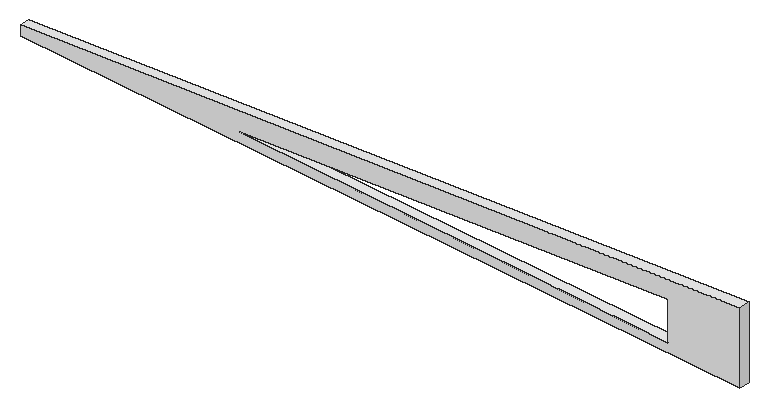
Revit family
Parameters (values of type "2m Arm at 0degrees")
  built-in parameter 1008623 [instance] = (empty or 0)
  built-in parameter 1008625 [instance] = (empty or 0)
  Post = no
  Pitch = 0.00°
  built-in parameter 1008624 [instance] = (empty or 0)
  Blade Dp at Mounted End = 200 mm
  Blade Dp Ext Edge = 25 mm
  built-in parameter 1008622 [instance] = 750 mm
  Arm Thickness = 30 mm
  Arm Length = 2000 mm
Types (5, lengths in mm): name | Pitch | Arm Length
  (no name) | 0.00° | 2000
  2m Arm at 5degrees | 5.00° | 2000
  3m Arm at 5degrees | 5.00° | 3000
  3m Arm at 0degrees | 0.00° | 3000
  2m Arm at 0degrees | 0.00° | 2000
Reference planes
  plane 1 "Center (Front/Back)": y = 30.862
  plane 2: z = 0
  plane 3 "Center (Left/Right)": x = 0.898
  plane 4 "Top": z = 750
  plane 5 "Top of Post": z = 900
  plane 6: y = 2030.862
  plane 7: x = -1999.102
  plane 8: y = 15.862
  plane 9: y = 45.862
Forms (mm)
  Extrusion 1, solid, material "Metal - Steel"
    sketch origin (0, 30.862, 0) x (1, 0, 0) y (0, 0, 1)
      loop
        line (0.898, 0) -> (-1999.102, 0) -> (-1999.102, -25) -> (0.898, -200) -> (0.898, 0)
      loop
        line (-199.102, -50) -> (-1426.582, -50) -> (-199.102, -157.404) -> (-199.102, -50)
    from -15 to 15
Lines and regions (mm)
  symbolic lines, style "InvisibleLines"
    curve 1: line (0.898, 0, 0) -> (-1999.102, 0, 0)
Text (mm)
  text "Baluster Post Elevation" at (0, 664.106, 1100.357), in view "Left"
Dimensions and locks
  "built-in parameter 1008622": plane 2 to plane 4 "Top"
  "Arm Length": plane 7 to plane 3 "Center (Left/Right)"
  equal spacing: plane 8, plane 1 "Center (Front/Back)", plane 9
  "Arm Thickness": plane 8 to plane 9
  "Blade Dp Ext Edge": Extrusion 1 sketch curve to Extrusion 1 sketch curve
  "Blade Dp at Mounted End": level to Extrusion 1 sketch curve
  locked: plane 3 "Center (Left/Right)" to Extrusion 1 sketch curve at 200
  locked: Extrusion 1 sketch curve to Extrusion 1 sketch curve at 50
  locked: Extrusion 1 sketch curve to Extrusion 1 sketch curve at 25
  "Pitch": angle curve 1 to level
  aligned and locked: plane 3 "Center (Left/Right)" to curve 1
  aligned and locked: Extrusion 1 sketch curve to curve 1
  aligned and locked: Extrusion 1 sketch curve to plane 3 "Center (Left/Right)"
  aligned and locked: plane 7 to Extrusion 1 sketch curve
  aligned and locked: Extrusion 1 to plane 9
  aligned and locked: plane 8 to Extrusion 1
Automatic sketch dimensions
  curve 1 to plane 7 = 0 mm
  curve 1 to level = 0 mm
